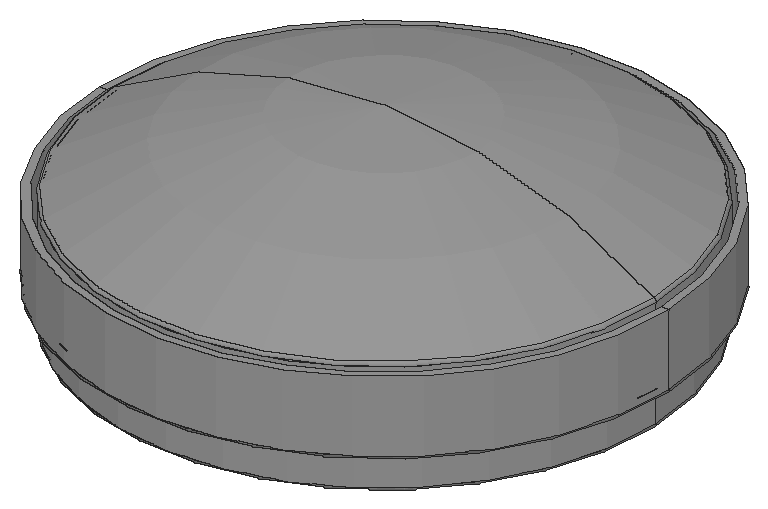
Revit family "3034777 Sylvania Lighting Fixture GIOTTO305 LED G2 3000K SURFACE MW", category Lighting Fixtures, host Face, Revit 2016
Family settings
  Host = Face
  Part Type = Normal
  Round Connector Dimension = Use Diameter
  OmniClass Number = 23.80.70.00
  OmniClass Title = Lighting
  Cut with Voids When Loaded = No
  Light Source = Yes
  Shared = No
  Room Calculation Point = No
Parameters (values of type "3034777 GIOTTO305 LED G2 3000K SURFACE MW")
  Weight = "1.11 kg"
  Wattage Comments = ""
  Wattage = 19 W
  WarrantyStartDate [instance] = "n/a"
  WarrantyGuarantorParts = "n/a"
  WarrantyDurationUnit = "n/a"
  WarrantyDurationParts = "n/a"
  WarrantyDescription = "n/a"
  built-in parameter 1150110 = 1 (stored number, unit not read)
  Voltage = 0 V
  URL = "http://www.sylvania-lighting.com"
  TypeName = "GIOTTO305 LED G2 3000K SURFACE MW"
  Type Image = <None>
  Type Comments = "n/a"
  built-in parameter 1114217 = 1 (stored number, unit not read)
  Tilt Angle = -90.00°
  built-in parameter 1150109 = 1 (stored number, unit not read)
  built-in parameter 1150134 = (empty or 0)
  built-in parameter 1150113 = 1 (stored number, unit not read)
  SerialNumber [instance] = "n/a"
  Photometric Web File = "3034777.ies"
  Material_3_SYL = LED-Sylvania
  PowerFactor = 0
  PowerConsumption = "19 W"
  NominalLength = 305 mm
  NominalHeight = 104 mm
  NominalDepth = 305 mm
  Name = "GIOTTO305 LED G2 3000K SURFACE MW"
  ModelReference = Name  # "GIOTTO305 LED G2 3000K SURFACE MW"
  ModelNumber = "3034777"
  Model = Name  # "GIOTTO305 LED G2 3000K SURFACE MW"
  Material = "polycarbonate housing, polycarbonate diffuser"
  ManufacturerName = "Feilo Sylvania"
  Manufacturer = "Feilo Sylvania"
  LuminousEfficacy = "78 lm/W"
  built-in parameter 1150105 = 117.93 (stored number, unit not read)
  Lumens = 1482 lm
  LuminaireType = ""
  built-in parameter 1150115 = 1 (stored number, unit not read)
  LightOutputRatio = "n/a"
  built-in parameter 1150137 = (empty or 0)
  built-in parameter 1150139 = (empty or 0)
  LampsType = Lamp  # "LED"
  LampNominalLuminous = "1539 lm"
  LampMacAdamStep = "n/a"
  LampColourTemperature = "3000 K"
  LampColourRenderingIndex = "80"
  built-in parameter 1150112 = 1 (stored number, unit not read)
  built-in parameter 1150114 = 1 (stored number, unit not read)
  Lamp = "LED"
  Keynote = "16500"
  InstallationDate [instance] = "n/a"
  InputVoltage = "n/a"
  InputNominalFrequency = "n/a"
  built-in parameter 1150132 = (empty or 0)
  built-in parameter 1150102 = (empty or 0)
  built-in parameter 1150107 = 3000 (stored number, unit not read)
  built-in parameter 1150138 = (empty or 0)
  IngressProtection = "IP44"
  ImpactProtectionIndex = "IK10"
  built-in parameter 1150106 = 1.1793 (stored number, unit not read)
  IfcExportType = "IfcLightFixtureType"
  IfcExportAs = "IfcLightFixtureType"
  Height_SYL = 104 mm
  ExpectedLife = 50000
  Emit from Circle Diameter = 317 mm
  Emit Shape Visible in Rendering = no
  ElectricShockClassification = "Class I"
  built-in parameter 1150104 = 7.2464 (stored number, unit not read)
  DurationUnit = "hours"
  DocumentationLiterature = "http://www.sylvania-lighting.com/product/en-int/products/3034777"
  DimmingControlOptions = "n/a"
  Material_2_SYL = Polycarbonate_Sylvania_Giotto_Opal
  Dimming Lamp Color Temperature Shift = <None>
  DiffuserRadius_SYL = 282.611 mm
  Diameter_SYL = 305 mm
  Description = "Ambient and decorative round, surface mounted LED bulkhead luminaire. White robust polycarbonate body with opal diffuser, 1491 lm, 19W, 78lm/W, 3000K, CRI 80, non-dimmable, integral microwave sensor. 50,000 hours lumen maintenance. Drive current: 700mA, IP44, IK10, Class I, 220-240V, Energy class: A++, A+, A."
  Default Elevation = 1219.2 mm
  CreatedOn = "11/7/2018"
  CreatedBy = "@sylvania-lighting.com"
  Cost = 0
  Color Filter = 16777215
  built-in parameter 1114216 [instance] = (empty or 0)
  ClassificationValue = "EF_70_80"
  ClassificationName = "Uniclass2015"
  Material_1_SYL = Polycarbonate_Sylvania_Giotto_White
  BarCode [instance] = "n/a"
  built-in parameter 1114218 = 1 (stored number, unit not read)
  built-in parameter 1150133 = 10 (stored number, unit not read)
  AssetType = "Fixed"
  AssetIdentifier [instance] = "n/a"
  Assembly Code = "D5020200"
  Apparent Load = 19 VA
  Material_4_SYL = none
Reference planes
  plane 1 "Center (Front/Back)": y = 0
  plane 2: z = 0
  plane 3 "Center (Left/Right)": x = 0
  plane 4: x = 152.5
  plane 5: x = -152.5
  plane 6: x = -145.5
  plane 7: x = -148.5
  plane 8: z = 104
  plane 9: z = 59
  plane 10: z = 19
  plane 11: z = 24
  plane 12: x = -150.9
  plane 13: z = 20.6
  plane 14: z = 1.6
  plane 15: x = -143.9
  plane 16: z = 18
  plane 17: x = -146.5
  plane 18: z = 25
  plane 19: z = 61
Forms (mm)
  Revolve 1, solid, material "Polycarbonate_Sylvania_Giotto_White" <- "Material_1_SYL"
    sketch origin (0, 0, 0) x (1, 0, 0) y (0, 0, 1)
      loop
        line (0, 0) -> (0, 25) -> (-143.9, 25) -> (-143.9, 24) -> (-148.5, 24) -> (-148.5, 59) -> (-152.5, 59) -> (-152.5, 20.6)
        arc (-152.5, 20.6) -> (-152.031, 19.469) -> (-150.9, 19) r 1.6
        line (-150.9, 19) -> (-146.5, 19)
        arc (-146.5, 19) -> (-145.793, 18.707) -> (-145.5, 18) r 1
        line (-145.5, 18) -> (-145.5, 1.6)
        arc (-145.5, 1.6) -> (-145.031, 0.469) -> (-143.9, 0) r 1.6
        line (-143.9, 0) -> (0, 0)
      axis (0, 59) -> (0, 0)
    angle from 360 to 0
  Revolve 2, solid, material "Polycarbonate_Sylvania_Giotto_Opal" <- "Material_2_SYL"
    sketch origin (0, 0, 0) x (1, 0, 0) y (0, 0, 1)
      loop
        line (-145.5, 24) -> (-143.9, 24) -> (-143.9, 59.636)
        arc (-143.9, 59.636) -> (-143.79, 60.068) -> (-143.485, 60.394) r 0.9
        arc (-143.485, 60.394) -> (-74.754, 91.683) -> (0, 102.4) r 266.066
        line (0, 102.4) -> (0, 104)
        arc (0, 104) -> (-75.203, 93.218) -> (-144.348, 61.742) r 267.666
        arc (-144.348, 61.742) -> (-145.193, 60.836) -> (-145.5, 59.636) r 2.5
        line (-145.5, 59.636) -> (-145.5, 24)
      axis (0, 104) -> (0, 24)
    angle from 360 to 0
Dimensions and locks
  equal spacing: plane 4, plane 3 "Center (Left/Right)", plane 5
  "Diameter_SYL": plane 4 to plane 5
  locked: plane 6 to plane 5 at 7
  locked: plane 7 to plane 5 at 4
  "Height_SYL": plane 8 to plane 2
  locked: plane 8 to plane 9 at 45
  locked: plane 9 to plane 10 at 40
  Revolve 1 sketch curve to Revolve 1 sketch curve = 4.4 mm
  locked: plane 11 to plane 10 at 5
  locked: plane 12 to plane 5 at 1.6
  locked: plane 13 to plane 10 at 1.6
  locked: plane 14 to plane 2 at 1.6
  locked: plane 15 to plane 6 at 1.6
  locked: plane 6 to plane 17 at 1
  locked: plane 10 to plane 16 at 1
  locked: plane 18 to plane 11 at 1
  locked: plane 19 to plane 9 at 2
  aligned and locked: plane 2 to host face
  aligned and locked: level to host face
  aligned and locked: Revolve 1 sketch curve to plane 3 "Center (Left/Right)"
  aligned and locked: level to Revolve 1 sketch curve
  aligned and locked: Revolve 1 sketch curve to plane 10
  aligned and locked: plane 9 to Revolve 1 sketch curve
  aligned and locked: Revolve 1 sketch curve to plane 7
  aligned and locked: plane 12 to Revolve 1 sketch curve  (x2)
  aligned and locked: plane 13 to Revolve 1 sketch curve  (x2)
  aligned and locked: plane 15 to Revolve 1 sketch curve  (x3)
  aligned and locked: plane 14 to Revolve 1 sketch curve  (x2)
  aligned and locked: plane 3 "Center (Left/Right)" to imposter light
  aligned and locked: imposter light to plane 1 "Center (Front/Back)"
  aligned and locked: plane 18 to Revolve 1 sketch curve
  aligned and locked: plane 11 to Revolve 1 sketch curve
  aligned and locked: imposter light to plane 8
  aligned and locked: plane 6 to Revolve 1 sketch curve
  aligned and locked: plane 17 to Revolve 1 sketch curve
  aligned and locked: plane 16 to Revolve 1 sketch curve
  aligned and locked: Revolve 2 sketch curve to plane 3 "Center (Left/Right)"
  aligned and locked: plane 6 to Revolve 2 sketch curve
  aligned and locked: plane 3 "Center (Left/Right)" to Revolve 2 sketch curve
  aligned and locked: plane 11 to Revolve 2 sketch curve
  aligned and locked: Revolve 2 sketch curve to imposter light
Automatic sketch dimensions
  host sketch curve to host sketch curve = 2438.4 mm  (x2)
  Revolve 1 sketch curve to plane 3 "Center (Left/Right)" = 0 mm
  Revolve 1 sketch curve to level = 609.6 mm
  Revolve 1 sketch curve to plane 8 = 2499.058 mm
  Revolve 2 sketch curve to Revolve 2 sketch curve = 0 mm  (x4)
  Revolve 2 sketch curve to plane 15 = 0 mm
  Revolve 2 sketch curve to plane 8 = 0 mm
  plane 15 to Revolve 2 sketch curve = 0.9 mm
  Revolve 2 sketch curve to level = 163.666 mm
  Revolve 2 sketch curve to plane 9 = 0.636 mm
  Revolve 2 sketch curve to Revolve 2 sketch curve = 445.934 mm
  Revolve 2 sketch curve to plane 8 = 2505.058 mm
Connectors
  electrical at (0, 0, 0), driven by "Apparent Load", driven by "PowerFactor", driven by "Voltage"
    settings: index 1, voltage 0 V, apparent load 19 VA, apparent load phase1 0 VA, apparent load phase2 0 VA, apparent load phase3 0 VA, power factor 0, load classification "Lighting", number of poles 1, system type 30, power factor state 1, is connector primary yes, connector utility no, sub classification motor no, connector description ""
